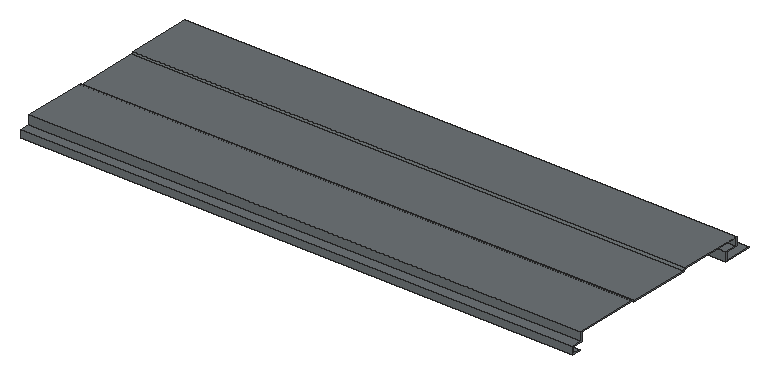
Revit family "BIMLIB_СайдингМеталлическийВертикальProf_GRANDLINE", category Обобщенные модели, Revit 2017
Family settings
  Может служить основой для арматурных стержней = Нет
  Размер круглого соединителя = Использовать диаметр
  Тип детали = Нормальный
  При загрузке вырезать с полостями = Нет
  Общий = Нет
  Точка расчета площади = Нет
Parameters (values of type "Вертикаль Prof")
  Смещение от плоскости [instance] = 0 mm
  Описание = ADSK_Наименование  # "Металлический cайдинг Вертикаль Prof"
  Изготовитель = "Grand Line"  # constant formula
  built-in parameter 1001306 [instance] = 500 mm
  Watermark [instance] = "Модели защищены уникальным кодом"
  URL = "https://www.grandline.ru"
  BL_Разработано = "support@bimlib.pro"
  BL_Email = "info@grandline.ru"
  BL_BIM library = "https://bimlib.pro/manufacturer/company/22430"
  ADSK_Размер_Ширина = 175.7 mm
  ADSK_Размер_Длина [instance] = [built-in parameter 1001306]  # 500 mm
  ADSK_Обозначение = "ГОСТ 19904-90, ГОСТ 14918-80"
  ADSK_Наименование = "Металлический cайдинг Вертикаль Prof"
  ADSK_Материал тип подсчета = 2  # constant formula
  ADSK_Материал = GL_Drap_RAL7016
  ADSK_Масса_Текст [instance] = ""
  ADSK_Масса [instance] = 0
  ADSK_Марка = ""
  ADSK_Количество [instance] = if(ADSK_Материал тип подсчета = 0, 1, if(ADSK_Материал тип подсчета = 1, ADSK_Размер_Длина / 1000 mm, if(ADSK_Материал тип подсчета = 2, ADSK_Размер_Длина * ADSK_Размер_Ширина / 1.00 m², 0)))  # 0.08785
  ADSK_Код изделия = "М.09-08.03"  # constant formula
  ADSK_Завод-изготовитель = "Grand Line"  # constant formula
  ADSK_Единица измерения = "м2"  # constant formula
  ADSK_Группирование = "Сайдинг"  # constant formula
  ADSK_Версия Revit = "2017"  # constant formula
  ADSK_URL страницы изделия = "https://www.grandline.ru/shop/fasad/metallicheskij-sajding/vertikal-grand-line/"
  ADSK_URL документации изделия = "https://www.grandline.ru/shop/fasad/metallicheskij-sajding/vertikal-grand-line/tehnicheskaya-dokumentaciya/#techdoc"
Reference planes
  plane 1 "По центру (Вперед/Назад)": y = 0
  plane 2: z = 0
  plane 3 "Слева": x = 0
  plane 4 "Справа": x = 500
  plane 5: y = 174.7
Forms (mm)
  Sweep 1, solid, material "GL_Drap_RAL7016" <- "ADSK_Материал"
    path in 3D
      loop
        line (0, 0, 0) -> (500, 0, 0)
    profile "Профиль_СайдингМеталлическийВертикальProf : Профиль_СайдингМеталлическийВертикальProf" origin (250, 0, 0) x (0, 1, 0) y (0, 0, 1)
      loop
        line (0, 1) -> (8, 1) -> (8, 1.8) -> (0.8, 1.8) -> (0.8, 6.7) -> (10.8, 6.7) -> (10.8, 14.7) -> (67.969, 14.7) -> (69.569, 13.1) -> (126.131, 13.1) -> (127.731, 14.7) -> (184.9, 14.7) -> (184.9, 8.3) -> (173.9, 8.3) -> (173.9, 0) -> (199.2, 0) -> (199.2, 0.8) -> (174.7, 0.8) -> (174.7, 7.5) -> (185.7, 7.5) -> (185.7, 15.5) -> (127.4, 15.5) -> (125.8, 13.9) -> (69.9, 13.9) -> (68.3, 15.5) -> (10, 15.5) -> (10, 7.5) -> (0, 7.5) -> (0, 1)
Lines and regions (mm)
  reference lines
    curve 1: line (0, 0, 0) -> (500, 0, 0)
  sketch lines
    curve 2: line (0, 0, 0) -> (500, 0, 0)
Dimensions and locks
  "built-in parameter 1001306": plane 3 "Слева" to plane 4 "Справа"
  aligned and locked: plane 4 "Справа" to curve 1
  aligned and locked: plane 1 "По центру (Вперед/Назад)" to curve 1
  aligned and locked: plane 3 "Слева" to curve 1
  aligned and locked: level to plane 2
